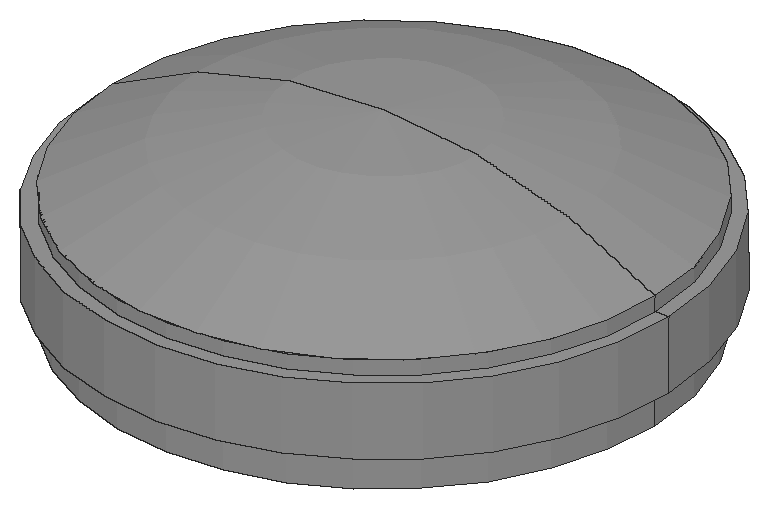
Revit family "3032828 Sylvania_Giotto 335 LED_Surface Mounted", category Lighting Fixtures, host Face, Revit 2017
Family settings
  Host = Face
  Round Connector Dimension = Use Diameter
  Part Type = Normal
  OmniClass Number = 23.80.70.11.17
  OmniClass Title = Specialized Lighting by Location or Use
  Cut with Voids When Loaded = No
  Light Source = Yes
  Shared = No
  Room Calculation Point = No
Parameters (values of type "Giotto335 sur ww E3")
  Diameter = 335.0 mm
  Weight = 1.94 kg  # constant formula
  Wattage = 1.20755 W
  built-in parameter 1150110 = 1 (stored number, unit not read)
  Voltage Comments = "UNV (Universal Voltage; 220-240 Volt)"  # constant formula
  Voltage = 230 V  # constant formula
  URL = "http://www.sylvania-lighting.com"
  built-in parameter 1114217 = 1 (stored number, unit not read)
  Tilt Angle = -90°
  built-in parameter 1150109 = 1 (stored number, unit not read)
  built-in parameter 1150134 = (empty or 0)
  built-in parameter 1150113 = 1 (stored number, unit not read)
  Product Page URL = "http://www.sylvania-lighting.com/product/en-int/products/3032828"
  Product Family = "GIOTTO 335 LED - SURFACE MOUNTED"  # constant formula
  Photometry Comments = ""
  Photometric Web File = "3032828_GiottoLED33525WSurfaceMountedWarmWhiteE3integral-164023.ies"
  Life = "50 000 h"  # constant formula
  IP Rating = "IP44"  # constant formula
  IK Rating = "IK10"  # constant formula
  Emit from Circle Diameter = Diameter - 16.0 mm  # 319.0 mm
  Emit Shape Visible in Rendering = no
  Electrical Protection = "CLASS II"  # constant formula
  Drive Current = "700 mA"  # constant formula
  Diffuser Material = Polycarbonate_Sylvania_Giotto_Opal
  Height = 110.0 mm
  built-in parameter 1114216 [instance] = 1 (stored number, unit not read)
  Model = "Giotto335 sur ww E3"
  Manufacturer = "Feilo Sylvania"
  built-in parameter 1150105 = 29.129 (stored number, unit not read)
  Lumens = 96 lm
  built-in parameter 1150115 = 1 (stored number, unit not read)
  built-in parameter 1150137 = (empty or 0)
  built-in parameter 1150139 = (empty or 0)
  built-in parameter 1150112 = 1 (stored number, unit not read)
  built-in parameter 1150114 = 1 (stored number, unit not read)
  Lamp Comments = "Integrated LED"  # constant formula
  Lamp = "22W"
  built-in parameter 1150132 = 2
  built-in parameter 1150102 = (empty or 0)
  built-in parameter 1150107 = 3000 (stored number, unit not read)
  built-in parameter 1150138 = (empty or 0)
  built-in parameter 1150106 = 0.29129 (stored number, unit not read)
  Body Material = Polycarbonate_Sylvania_Giotto_White
  built-in parameter 1150104 = 7.3858 (stored number, unit not read)
  Dimming Lamp Color Temperature Shift = <None>
  Description = "Surface or recessed mount versions available. Ideal for general lighting in public areas. Microwave presence detection versions. 3 hour emergency light versions with integrated gear. Up to 1200lm neutral white"  # constant formula
  Default Elevation = 0.0 mm
  Color Filter = 16777215
  Catalog Number = "3032828 Giotto335 sur ww E3"
  built-in parameter 1140040 [instance] = 1
  built-in parameter 1114218 = 1 (stored number, unit not read)
  built-in parameter 1150133 = 10 (stored number, unit not read)
  Assembly Code = "D5020200"
  Apparent Load Comments = ""
  Apparent Load = 22 VA
Reference planes
  plane 1 "Center (Front/Back)": y = 0
  plane 2: z = 0
  plane 3 "Center (Left/Right)": x = 0
  plane 4 "Fixture Left": x = -167.5
  plane 5 "Fixture Right": x = 167.5
  plane 6 "Fixture Top": z = 110
  plane 7 "Difuser Left": x = -159.5
  plane 8 "Difuser Right": x = 159.5
  plane 9 "Brace Top": z = 60
  plane 10 "Brace Bottom": z = 20
Forms (mm)
  Revolve 1, solid, material "Polycarbonate_Sylvania_Giotto_White" <- "Body Material", detail levels fine
    sketch origin (0, 0, 0) x (1, 0, 0) y (0, 0, 1)
      loop
        line (0, 0) -> (0, 60) -> (-167.5, 60) -> (-167.5, 20) -> (-159.5, 20) -> (-159.5, 0) -> (0, 0)
      axis (0, 60) -> (0, 0)
    angle from 0 to 360
  Revolve 2, solid, material "Polycarbonate_Sylvania_Giotto_Opal" <- "Diffuser Material", detail levels fine
    sketch origin (0, 0, 0) x (1, 0, 0) y (0, 0, 1)
      loop
        line (-159.5, 68) -> (-159.5, 60) -> (0, 60) -> (0, 110)
        arc (0, 110) -> (-82.697, 100.193) -> (-159.5, 68) r 299.575
      axis (0, 110) -> (0, 60)
    angle from 0 to 360
  Revolve 3, solid, material "Polycarbonate_Sylvania_Giotto_White" <- "Body Material", detail levels coarse+medium
    sketch origin (0, 0, 0) x (1, 0, 0) y (0, 0, 1)
      loop
        line (-159.5, 68) -> (-159.5, 60) -> (-167.5, 60) -> (-167.5, 20) -> (-159.5, 20) -> (-159.5, 0) -> (0, 0) -> (0, 110)
        arc (0, 110) -> (-82.697, 100.193) -> (-159.5, 68) r 299.575
      axis (0, 110) -> (0, 0)
    angle from 0 to 360
Dimensions and locks
  equal spacing: plane 5 "Fixture Right", plane 3 "Center (Left/Right)", plane 4 "Fixture Left"
  "Diameter": plane 5 "Fixture Right" to plane 4 "Fixture Left"
  "Height": plane 6 "Fixture Top" to plane 2
  locked: plane 7 "Difuser Left" to plane 4 "Fixture Left" at 8
  locked: plane 5 "Fixture Right" to plane 8 "Difuser Right" at 8
  locked: Revolve 2 sketch curve to plane 9 "Brace Top" at 8
  locked: Revolve 3 sketch curve to plane 9 "Brace Top" at 8
  plane 6 "Fixture Top" to plane 9 "Brace Top" to plane 10 "Brace Bottom" = 50.0 mm locked, 40.0 mm locked
  aligned and locked: plane 2 to host face
  aligned and locked: level to host face
  aligned and locked: plane 1 "Center (Front/Back)" to imposter light
  aligned and locked: plane 2 to Revolve 1 sketch curve
  aligned and locked: plane 4 "Fixture Left" to Revolve 1 sketch curve
  aligned and locked: plane 7 "Difuser Left" to Revolve 1 sketch curve
  aligned and locked: plane 10 "Brace Bottom" to Revolve 1 sketch curve
  aligned and locked: Revolve 1 sketch curve to plane 9 "Brace Top"
  aligned and locked: Revolve 1 sketch curve to plane 3 "Center (Left/Right)"  (x2)
  aligned and locked: Revolve 2 sketch curve to plane 7 "Difuser Left"
  aligned and locked: Revolve 2 sketch curve to plane 9 "Brace Top"
  aligned and locked: Revolve 2 sketch curve to plane 3 "Center (Left/Right)"  (x2)
  aligned and locked: plane 6 "Fixture Top" to Revolve 2 sketch curve
  aligned and locked: Revolve 3 sketch curve to plane 3 "Center (Left/Right)"  (x2)
  aligned and locked: Revolve 3 sketch curve to plane 7 "Difuser Left"  (x2)
  aligned and locked: Revolve 3 sketch curve to plane 4 "Fixture Left"
  aligned and locked: Revolve 3 sketch curve to plane 10 "Brace Bottom"
  aligned and locked: Revolve 3 sketch curve to plane 2
  aligned and locked: plane 3 "Center (Left/Right)" to imposter light
  aligned and locked: imposter light to plane 6 "Fixture Top"
Automatic sketch dimensions
  host sketch curve to host sketch curve = 1305.563 mm
  host sketch curve to host sketch curve = 1283.632 mm
  Revolve 1 sketch curve to level = 61.8 mm
  Revolve 1 sketch curve to plane 6 "Fixture Top" = 6.8 mm
  Revolve 2 sketch curve to plane 3 "Center (Left/Right)" = 6.413 mm
  plane 10 "Brace Bottom" to Revolve 2 sketch curve = 9.973 mm
  plane 6 "Fixture Top" to Revolve 2 sketch curve = 84.973 mm
  Revolve 3 sketch curve to plane 9 "Brace Top" = 0.0 mm
  Revolve 3 sketch curve to plane 6 "Fixture Top" = 0.0 mm
  Revolve 3 sketch curve to plane 3 "Center (Left/Right)" = 6.413 mm
  Revolve 3 sketch curve to level = 88.4 mm
  plane 6 "Fixture Top" to Revolve 3 sketch curve = 81.6 mm
Connectors
  electrical at (0, 0, 0), driven by "Voltage", driven by "Apparent Load"
    settings: on Revolve 1, index 1, voltage 230 V, apparent load 0 VA, apparent load phase1 22 VA, apparent load phase2 0 VA, apparent load phase3 0 VA, power factor 1, load classification "Lighting", number of poles 1, system type 31, power factor state 1, is connector primary yes, connector utility no, sub classification motor no, connector description ""
